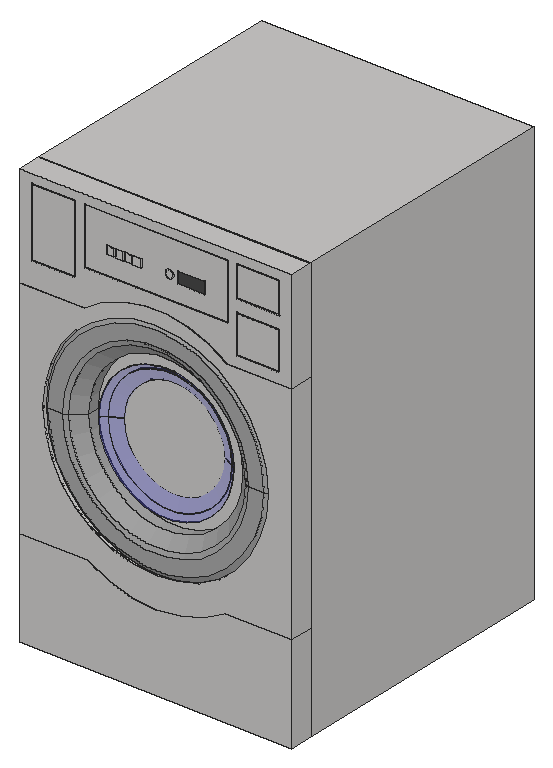
Revit family "QF_ELECTROLUX_TE1220G_TE1220G", category Attrezzature speciali, Revit 2018
Family settings
  Quota connettore circolare = Usa diametro
  Tipo di parte = Normale
  Basato su piano di lavoro = No
  Sempre verticale = Sì
  Taglio con vuoti quando caricato = No
  Condiviso = No
  Punto di calcolo locali = No
Parameters
  Width = 686 mm
  Height = 850 mm
  Depth = 822 mm
Reference planes
  plane 1 "Center (Front/Back)": y = 0
  plane 2: z = 0
  plane 3 "Center (Left/Right)": x = 0
  plane 4 "LEFT": x = -343
  plane 5 "RIGHT": x = 343
  plane 6 "BACK": y = 411
  plane 7 "FRONT": y = -411
  plane 8 "voidPanel": through (0, -279.09, 846.678) normal (0, -0.9308, 0.3656)
  plane 9 "TOP": z = 1098
  plane 10: y = -966
Forms (mm)
  Extrusion 1, solid, material "QF_Finishes_Stainless Steel"
    sketch origin (0, 0, 0) x (1, 0, 0) y (0, 1, 0)
      loop
        line (-343, 354) -> (-343, -351.316) -> (343, -351.316) -> (343, 354) -> (-343, 354)
    from 25 to 1098
  Extrusion 2, void
    sketch origin (0, -411, 110) x (0, 0, 1) y (-1, 0, 0)
      loop
        circle (470, 0) r 242.757
    from 0 to -726.106
  Revolve 3, solid, material "QF_Finishes_Gray"
    sketch origin (0, 0, 580) x (-1, 0, 0) y (0, -1, 0)
      loop
        line (300.448, 346.297) -> (300.448, 393.936) -> (272.916, 411) -> (235.246, 411) -> (223.534, 406.93) -> (195.25, 378.646) -> (195.25, 346.297) -> (300.448, 346.297)
      axis (0, 346.297) -> (0, 411)
    angle from 0 to 360
  Revolve 4, solid, material "Glass"
    sketch origin (0, 0, 580) x (-1, 0, 0) y (0, -1, 0)
      loop
        line (156.034, 365.621) -> (125.785, 351.316)
        arc (125.785, 351.316) -> (117.42, 348.976) -> (108.77, 348.187) r 47.824
        line (108.77, 348.187) -> (0, 348.187) -> (0, 346.187) -> (108.77, 346.187)
        arc (108.77, 346.187) -> (117.82, 347.016) -> (126.57, 349.475) r 49.824
        line (126.57, 349.475) -> (156.889, 363.813)
        arc (156.889, 363.813) -> (164.396, 368.582) -> (170.5, 375.051) r 35.892
        line (170.5, 375.051) -> (170.5, 378.646)
        arc (170.5, 378.646) -> (164.222, 371.072) -> (156.034, 365.621) r 33.892
      axis (0, 346.187) -> (0, 378.646)
    angle from 0 to 360
  Extrusion 5, void
    sketch origin (0, 0, 470) x (-1, 0, 0) y (0, -1, 0)
      loop
        line (333, -329) -> (333, 336.297) -> (-333, 336.297) -> (-333, -329) -> (333, -329)
    from -434.1 to 430
  Extrusion 6, solid, material "QF_Finishes_Rubber Black"
    sketch origin (25, 0, 0) x (1, 0, 0) y (0, 1, 0)
      loop
        circle (-308, 313.6) r 20
    from 0 to 10
  Extrusion 7, solid, material "QF_Finishes_Stainless Steel"
    sketch origin (25, 0, 0) x (1, 0, 0) y (0, 1, 0)
      loop
        circle (-308, 313.6) r 11
    from 10 to 25
  Extrusion 8, solid, material "QF_Finishes_Rubber Black"
    sketch origin (25, 0, 0) x (1, 0, 0) y (0, 1, 0)
      loop
        circle (-308, -309.8) r 20
    from 0 to 10
  Extrusion 9, solid, material "QF_Finishes_Stainless Steel"
    sketch origin (25, 0, 0) x (1, 0, 0) y (0, 1, 0)
      loop
        circle (-308, -309.8) r 11
    from 10 to 25
  Revolve 10, solid, material "QF_Door-Drawer Clearances", detail levels coarse
    sketch origin (0, -392.108, 110) x (-1, 0, 0) y (0, 0, 1)
      loop
        circle (-1.368, 470) r 285
      axis (287.524, 470) -> (287.524, 469)
    angle from 0 to 90
  Extrusion 11, solid, material "QF_Finishes_Rubber Black"
    sketch origin (-25, 0, 0) x (-1, 0, 0) y (0, -1, 0)
      loop
        circle (-308, -313.6) r 20
    from 0 to 10
  Extrusion 12, solid, material "QF_Finishes_Stainless Steel"
    sketch origin (-25, 0, 0) x (-1, 0, 0) y (0, -1, 0)
      loop
        circle (-308, -313.6) r 11
    from 10 to 25
  Extrusion 13, solid, material "QF_Finishes_Rubber Black"
    sketch origin (-25, 0, 0) x (-1, 0, 0) y (0, -1, 0)
      loop
        circle (-308, 309.8) r 20
    from 0 to 10
  Extrusion 14, solid, material "QF_Finishes_Stainless Steel"
    sketch origin (-25, 0, 0) x (-1, 0, 0) y (0, -1, 0)
      loop
        circle (-308, 309.8) r 11
    from 10 to 25
  Extrusion 15, solid, material "QF_Finishes_Stainless Steel"
    sketch origin (0, -411, 0) x (0, 0, 1) y (-1, 0, 0)
      loop
        line (25, 343) -> (25, -343) -> (270, -343) -> (270, -175)
        arc (270, -175) -> (219.436, 0) -> (270, 175) r 328.118
        line (270, 175) -> (270, 343) -> (25, 343)
    from 0 to -60
  Extrusion 16, solid, material "QF_Finishes_Stainless Steel"
    sketch origin (0, -411, 0) x (0, 0, 1) y (-1, 0, 0)
      loop
        line (840, -343) -> (1098, -343) -> (1098, 343) -> (840, 343) -> (840, 180)
        arc (840, 180) -> (900, 0) -> (840, -180) r 300
        line (840, -180) -> (840, -343)
    from 0 to -60
  Extrusion 17, solid, material "QF_Finishes_Stainless Steel"
    sketch origin (0, -411, 0) x (0, 0, 1) y (-1, 0, 0)
      loop
        line (840, 343) -> (270, 343) -> (270, 175)
        arc (270, 175) -> (219.436, 0) -> (270, -175) r 328.118
        line (270, -175) -> (270, -343) -> (840, -343) -> (840, -180)
        arc (840, -180) -> (900, 0) -> (840, 180) r 300
        line (840, 180) -> (840, 343)
      loop
        circle (580, 0) r 285
    from 0 to -60
  Extrusion 18, void
    sketch origin (0, -411, 0) x (0, 0, 1) y (-1, 0, 0)
      loop
        line (1076.011, 312.853) -> (900, 312.853) -> (900, 202.056) -> (1076.011, 202.056) -> (1076.011, 312.853)
      loop
        line (1076.011, 180.558) -> (931.011, 180.558) -> (931.011, -184.442) -> (1076.011, -184.442) -> (1076.011, 180.558)
      loop
        line (966.011, -204.442) -> (866.011, -204.442) -> (866.011, -314.442) -> (966.011, -314.442) -> (966.011, -204.442)
      loop
        line (996.011, -204.442) -> (996.011, -314.442) -> (1076.011, -314.442) -> (1076.011, -204.442) -> (996.011, -204.442)
    from 0 to -13.46
  Extrusion 19, solid, material "QF_Finishes_Stainless Steel"
    sketch origin (0, -411, 0) x (0, 0, 1) y (-1, 0, 0)
      loop
        line (1073.011, 205.056) -> (1073.011, 309.853) -> (903, 309.853) -> (903, 205.056) -> (1073.011, 205.056)
      loop
        line (934.011, 177.558) -> (934.011, -181.442) -> (1073.011, -181.442) -> (1073.011, 177.558) -> (934.011, 177.558)
      loop
        line (1073.011, -311.442) -> (1073.011, -207.442) -> (999.011, -207.442) -> (999.011, -311.442) -> (1073.011, -311.442)
      loop
        line (963.011, -311.442) -> (963.011, -207.442) -> (869.011, -207.442) -> (869.011, -311.442) -> (963.011, -311.442)
      loop
        line (982.148, 123.504) -> (982.148, 103.504) -> (1002.148, 103.504) -> (1002.148, 123.504) -> (982.148, 123.504)
      loop
        line (1002.148, 100.812) -> (982.148, 100.812) -> (982.148, 80.808) -> (1002.148, 80.808) -> (1002.148, 100.812)
      loop
        line (1002.148, 78.12) -> (982.148, 78.12) -> (982.148, 58.116) -> (1002.148, 58.116) -> (1002.148, 78.12)
      loop
        line (1002.148, 55.428) -> (982.148, 55.428) -> (982.148, 35.424) -> (1002.148, 35.424) -> (1002.148, 55.428)
      loop
        circle (992.148, -34.859) r 10
      loop
        line (977.148, -124.859) -> (1007.148, -124.859) -> (1007.148, -54.859) -> (977.148, -54.859) -> (977.148, -124.859)
    from 0.5 to -13.46
  Extrusion 20, solid, material "QF_Finishes_Stainless Steel"
    sketch origin (0, -411, 0) x (0, 0, 1) y (-1, 0, 0)
      loop
        line (1002.148, 123.504) -> (982.148, 123.504) -> (982.148, 103.504) -> (1002.148, 103.504) -> (1002.148, 123.504)
      loop
        line (1002.148, 100.812) -> (982.148, 100.812) -> (982.148, 80.808) -> (1002.148, 80.808) -> (1002.148, 100.812)
      loop
        line (1002.148, 78.12) -> (982.148, 78.12) -> (982.148, 58.116) -> (1002.148, 58.116) -> (1002.148, 78.12)
      loop
        line (1002.148, 55.428) -> (982.148, 55.428) -> (982.148, 35.424) -> (1002.148, 35.424) -> (1002.148, 55.428)
    from 2 to -13.46
  Extrusion 21, solid, material "QF_Finishes_Stainless Steel"
    sketch origin (0, -411, 0) x (0, 0, 1) y (-1, 0, 0)
      loop
        circle (992.148, -34.859) r 10
    from 1 to -13.46
  Extrusion 22, solid, material "QF_Finishes_Black"
    sketch origin (0, -411, 0) x (0, 0, 1) y (-1, 0, 0)
      loop
        line (1007.148, -54.859) -> (977.148, -54.859) -> (977.148, -124.859) -> (1007.148, -124.859) -> (1007.148, -54.859)
    from 0 to -13.46
  Extrusion 23, solid, material "QF_Finishes_Stainless Steel"
    sketch origin (0, 411, 0) x (0, 0, 1) y (-1, 0, 0)
      loop
        circle (91, -25) r 50.8
    from 50.43 to 57
  Blend 24, solid, material "QF_Finishes_Stainless Steel"
    base sketch origin (0, 411, 0) x (0, 0, 1) y (-1, 0, 0)
      loop
        line (112.093, -134.606) -> (112.093, -219.975)
        arc (112.093, -219.975) -> (136.989, -280.08) -> (197.093, -304.975) r 85
        line (197.093, -304.975) -> (735.296, -304.975) -> (764.372, -304.975) -> (800, -304.975)
        arc (800, -304.975) -> (860.104, -280.08) -> (885, -219.975) r 85
        line (885, -219.975) -> (885, 223.558)
        arc (885, 223.558) -> (860.104, 283.663) -> (800, 308.558) r 85
        line (800, 308.558) -> (764.372, 308.558) -> (736.45, 308.558) -> (330, 308.558)
        arc (330, 308.558) -> (287.574, 290.985) -> (270, 248.558) r 60
        line (270, 248.558) -> (270, 113.511)
        arc (270, 113.511) -> (265.698, 88.475) -> (253.286, 66.312) r 75
        line (253.286, 66.312) -> (128.807, -87.407)
        arc (128.807, -87.407) -> (116.395, -109.571) -> (112.093, -134.606) r 75
    top sketch origin (0, 411, 0) x (0, 0, 1) y (-1, 0, 0)
      loop
        line (736.45, 258.558) -> (330, 258.558)
        arc (330, 258.558) -> (322.929, 255.63) -> (320, 248.558) r 10
        line (320, 248.558) -> (320, 95.805)
        arc (320, 95.805) -> (315.698, 70.769) -> (303.286, 48.606) r 75
        line (303.286, 48.606) -> (178.807, -105.113)
        arc (178.807, -105.113) -> (166.395, -127.277) -> (162.093, -152.312) r 75
        line (162.093, -152.312) -> (162.093, -219.975)
        arc (162.093, -219.975) -> (172.344, -244.724) -> (197.093, -254.975) r 35
        line (197.093, -254.975) -> (735.296, -254.975)
        arc (735.296, -254.975) -> (745.955, -271.27) -> (764.372, -277.589) r 30
        line (764.372, -277.589) -> (819.372, -277.589)
        arc (819.372, -277.589) -> (840.585, -268.802) -> (849.372, -247.589) r 30
        line (849.372, -247.589) -> (849.372, 247.589)
        arc (849.372, 247.589) -> (840.585, 268.802) -> (819.372, 277.589) r 30
        line (819.372, 277.589) -> (764.372, 277.589)
        arc (764.372, 277.589) -> (747.477, 272.379) -> (736.45, 258.558) r 30
    from 57 to 0
  Extrusion 25, void
    sketch origin (0, 411, 0) x (0, 0, 1) y (-1, 0, 0)
      loop
        line (839.372, -242.589) -> (839.372, 246.505)
        arc (839.372, 246.505) -> (833.514, 260.647) -> (819.372, 266.505) r 20
        line (819.372, 266.505) -> (760.142, 266.505)
        arc (760.142, 266.505) -> (746, 260.647) -> (740.142, 246.505) r 20
        line (740.142, 246.505) -> (740.142, -248.744)
        arc (740.142, -248.744) -> (749.024, -262.323) -> (764.372, -267.589) r 25
        line (764.372, -267.589) -> (814.372, -267.589)
        arc (814.372, -267.589) -> (832.05, -260.266) -> (839.372, -242.589) r 25
    from 0 to 8.2
  Extrusion 26, solid, material "QF_Finishes_Stainless Steel"
    sketch origin (0, 411, 0) x (0, 0, 1) y (-1, 0, 0)
      loop
        circle (810, 209.295) r 5
    from 0 to 8.186
  Extrusion 27, solid, material "QF_Finishes_Stainless Steel"
    sketch origin (210, 411, 0) x (0, 0, 1) y (-1, 0, 0)
      loop
        circle (77, -50) r 12.7
    from 50.43 to 57
Cuts and joins
  Extrusion 5 cuts Extrusion 1
  Extrusion 18 cuts Extrusion 16
  Extrusion 25 cuts Blend 24
Lines and regions (mm)
  model lines
    curve 1: line (253.366, -313.716, 0) -> (253.669, -317.455, 0)
  symbolic lines, style "QF_Door-Drawer Clearances"
    curve 2: line (-287.524, -966, 744.475) -> (-287.524, -411, 744.475)
    curve 4: arc (-287.524, -966, 744.475) -> (112.051, -805.22, 744.475) -> (286.678, -411.5, 744.475) r 572.871
  symbolic lines
    curve 3: line (-25, 411, 91) -> (75, 411, 91)
    curve 5: line (-343, 354, 744.475) -> (343, 354, 744.475)
    curve 6: line (-343, -351, 744.475) -> (-343, 354, 744.475)
    curve 7: line (343, -351, 744.475) -> (-343, -351, 744.475)
    curve 8: line (343, 354, 744.475) -> (343, -351, 744.475)
    curve 9: line (-343, -351, 744.475) -> (-343, -411, 744.475)
    curve 10: line (-343, -411, 744.475) -> (343, -411, 744.475)
    curve 11: line (343, -411, 744.475) -> (343, -351, 744.475)
    curve 12: line (-308.558, 354, 744.475) -> (-277.589, 411, 744.475)
    curve 13: line (-277.589, 411, 744.475) -> (277.589, 411, 744.475)
    curve 14: line (277.589, 411, 744.475) -> (304.975, 354, 744.475)
Dimensions and locks
  equal spacing: plane 5 "RIGHT", plane 3 "Center (Left/Right)", plane 4 "LEFT"
  "Width": plane 5 "RIGHT" to plane 4 "LEFT"
  equal spacing: plane 7 "FRONT", plane 1 "Center (Front/Back)", plane 6 "BACK"
  "Depth": plane 7 "FRONT" to plane 6 "BACK"
  plane 7 "FRONT" to plane 6 "BACK" = 822 mm
  plane 9 "TOP" to level = 1098 mm
  plane 7 "FRONT" to plane 1 "Center (Front/Back)" to plane 6 "BACK" = 411 mm, 411 mm
  plane 4 "LEFT" to plane 5 "RIGHT" = 686 mm
  cut or joined group of Extrusion 1, Extrusion 5 to cut or joined group of Extrusion 16, Extrusion 18 = 765 mm
  plane 7 "FRONT" to plane 10 = 555 mm
  cut or joined group of Extrusion 1, Extrusion 5 to Extrusion 23 = 368 mm
  level to curve 3 = 91 mm
  plane 10 to plane 7 "FRONT" = 555 mm
  plane 10 to plane 6 "BACK" = 1377 mm
  plane 5 "RIGHT" to Extrusion 27 sketch curve = 83 mm
  cut or joined group of Extrusion 1, Extrusion 5 to Extrusion 27 sketch curve = 52 mm
  aligned and locked: level to plane 2
Automatic sketch dimensions
  Extrusion 1 sketch curve to plane 4 "LEFT" = 0 mm
  Extrusion 1 sketch curve to plane 5 "RIGHT" = 0 mm
  Extrusion 1 sketch curve to plane 7 "FRONT" = 59.684 mm
  plane 6 "BACK" to Extrusion 1 sketch curve = 57 mm
  Extrusion 2 sketch curve to plane 3 "Center (Left/Right)" = 0 mm
  Extrusion 2 sketch curve to plane 9 "TOP" = 518 mm
  Revolve 3 sketch curve to plane 3 "Center (Left/Right)" = 0 mm
  plane 7 "FRONT" to Revolve 3 sketch curve = 0 mm
  Revolve 3 sketch curve to plane 7 "FRONT" = 64.703 mm
  plane 4 "LEFT" to Revolve 3 sketch curve = 147.75 mm
  Revolve 3 sketch curve to plane 7 "FRONT" = 4.07 mm
  Revolve 3 sketch curve to Revolve 3 sketch curve = 28.284 mm
  Revolve 3 sketch curve to Revolve 3 sketch curve = 11.712 mm
  Revolve 3 sketch curve to Revolve 3 sketch curve = 37.67 mm
  Revolve 3 sketch curve to Revolve 3 sketch curve = 27.532 mm
  Revolve 3 sketch curve to Revolve 3 sketch curve = 32.349 mm
  Revolve 3 sketch curve to plane 7 "FRONT" = 17.064 mm
  Revolve 3 sketch curve to plane 6 "BACK" = 1134.072 mm
  plane 10 to Revolve 3 sketch curve = 569.917 mm
  Revolve 4 sketch curve to Revolve 4 sketch curve = 0 mm  (x4)
  Revolve 4 sketch curve to plane 3 "Center (Left/Right)" = 0 mm  (x2)
  Revolve 4 sketch curve to plane 3 "Center (Left/Right)" = 108.77 mm
  Revolve 4 sketch curve to Revolve 4 sketch curve = 17.015 mm
  Revolve 4 sketch curve to plane 7 "FRONT" = 61.525 mm
  Revolve 4 sketch curve to Revolve 4 sketch curve = 0.785 mm
  Revolve 4 sketch curve to plane 7 "FRONT" = 14.74 mm
  Revolve 4 sketch curve to Revolve 4 sketch curve = 32.775 mm
  Revolve 4 sketch curve to plane 7 "FRONT" = 45.379 mm
  Revolve 4 sketch curve to Revolve 4 sketch curve = 30.249 mm
  Revolve 4 sketch curve to plane 7 "FRONT" = 47.187 mm
  Revolve 4 sketch curve to Revolve 4 sketch curve = 0.855 mm
  Revolve 4 sketch curve to Revolve 4 sketch curve = 14.466 mm
  Revolve 4 sketch curve to plane 7 "FRONT" = 62.813 mm
  Revolve 4 sketch curve to Revolve 4 sketch curve = 2 mm
  Revolve 4 sketch curve to plane 6 "BACK" = 1134.072 mm
  plane 10 to Revolve 4 sketch curve = 569.917 mm
  Extrusion 5 sketch curve to plane 5 "RIGHT" = 10 mm
  plane 4 "LEFT" to Extrusion 5 sketch curve = 10 mm
  plane 6 "BACK" to Extrusion 5 sketch curve = 82 mm
  Extrusion 5 sketch curve to plane 7 "FRONT" = 74.703 mm
  plane 4 "LEFT" to Extrusion 6 sketch curve = 60 mm
  plane 6 "BACK" to Extrusion 6 sketch curve = 97.4 mm
  plane 4 "LEFT" to Extrusion 7 sketch curve = 60 mm
  plane 6 "BACK" to Extrusion 7 sketch curve = 97.4 mm
  plane 4 "LEFT" to Extrusion 8 sketch curve = 60 mm
  Extrusion 8 sketch curve to plane 7 "FRONT" = 101.2 mm
  plane 4 "LEFT" to Extrusion 9 sketch curve = 60 mm
  Extrusion 9 sketch curve to plane 7 "FRONT" = 101.2 mm
  plane 10 to curve 4 = 0 mm
  curve 10 to plane 5 "RIGHT" = 0 mm
  plane 7 "FRONT" to curve 10 = 0 mm
  curve 7 to plane 4 "LEFT" = 0 mm
  plane 6 "BACK" to curve 13 = 0 mm
  curve 4 to plane 7 "FRONT" = 17.869 mm
  curve 7 to plane 7 "FRONT" = 60 mm
  plane 6 "BACK" to curve 8 = 57 mm
  curve 13 to plane 5 "RIGHT" = 65.411 mm
  plane 4 "LEFT" to curve 13 = 65.411 mm
  plane 4 "LEFT" to curve 4 = 57.101 mm
  plane 7 "FRONT" to curve 4 = 0.5 mm
  curve 5 to curve 14 = 38.025 mm
  curve 10 to curve 4 = 56.322 mm
  plane 4 "LEFT" to curve 12 = 34.442 mm
  plane 10 to curve 2 = 0 mm
  plane 7 "FRONT" to curve 2 = 0 mm
  plane 4 "LEFT" to curve 2 = 55.476 mm
  plane 3 "Center (Left/Right)" to Revolve 10 sketch curve = 1.368 mm
  Revolve 10 sketch curve to plane 9 "TOP" = 518 mm
  plane 4 "LEFT" to Revolve 10 sketch curve = 55.476 mm
  Revolve 10 sketch curve to level = 194.8 mm
  plane 9 "TOP" to Revolve 10 sketch curve = 1450.4 mm
  plane 3 "Center (Left/Right)" to curve 3 = 75 mm
  curve 3 to plane 3 "Center (Left/Right)" = 25 mm
  plane 5 "RIGHT" to Extrusion 11 sketch curve = 60 mm
  Extrusion 11 sketch curve to plane 6 "BACK" = 97.4 mm
  plane 5 "RIGHT" to Extrusion 12 sketch curve = 60 mm
  Extrusion 12 sketch curve to plane 6 "BACK" = 97.4 mm
  plane 5 "RIGHT" to Extrusion 13 sketch curve = 60 mm
  plane 7 "FRONT" to Extrusion 13 sketch curve = 101.2 mm
  plane 5 "RIGHT" to Extrusion 14 sketch curve = 60 mm
  plane 7 "FRONT" to Extrusion 14 sketch curve = 101.2 mm
  Extrusion 15 sketch curve to plane 4 "LEFT" = 0 mm
  Extrusion 15 sketch curve to plane 5 "RIGHT" = 0 mm
  Extrusion 15 sketch curve to plane 3 "Center (Left/Right)" = 0 mm
  level to Extrusion 15 sketch curve = 25 mm
  level to Extrusion 15 sketch curve = 270 mm
  Extrusion 15 sketch curve to Extrusion 15 sketch curve = 245 mm
  Extrusion 15 sketch curve to Extrusion 15 sketch curve = 277.554 mm
  Extrusion 15 sketch curve to plane 5 "RIGHT" = 168 mm
  Extrusion 16 sketch curve to plane 3 "Center (Left/Right)" = 0 mm
  Extrusion 16 sketch curve to plane 5 "RIGHT" = 0 mm
  Extrusion 16 sketch curve to plane 4 "LEFT" = 0 mm
  Extrusion 16 sketch curve to plane 9 "TOP" = 0 mm
  Extrusion 16 sketch curve to Extrusion 16 sketch curve = 258 mm
  Extrusion 16 sketch curve to plane 9 "TOP" = 258 mm
  Extrusion 16 sketch curve to Extrusion 16 sketch curve = 240 mm
  Extrusion 16 sketch curve to plane 5 "RIGHT" = 163 mm
  Extrusion 17 sketch curve to plane 4 "LEFT" = 0 mm
  Extrusion 17 sketch curve to plane 5 "RIGHT" = 0 mm
  Extrusion 17 sketch curve to plane 3 "Center (Left/Right)" = 0 mm  (x3)
  level to Extrusion 17 sketch curve = 270 mm  (x2)
  Extrusion 17 sketch curve to Extrusion 17 sketch curve = 277.554 mm
  Extrusion 17 sketch curve to Extrusion 17 sketch curve = 32.446 mm
  Extrusion 17 sketch curve to Extrusion 17 sketch curve = 20 mm
  Extrusion 17 sketch curve to plane 9 "TOP" = 258 mm  (x2)
  Extrusion 17 sketch curve to Extrusion 17 sketch curve = 163 mm
  Extrusion 17 sketch curve to Extrusion 17 sketch curve = 168 mm
  Extrusion 18 sketch curve to plane 5 "RIGHT" = 28.558 mm  (x2)
  Extrusion 18 sketch curve to plane 9 "TOP" = 231.989 mm
  plane 4 "LEFT" to Extrusion 18 sketch curve = 30.147 mm
  Extrusion 18 sketch curve to plane 9 "TOP" = 198 mm
  Extrusion 18 sketch curve to Extrusion 18 sketch curve = 65 mm
  Extrusion 18 sketch curve to Extrusion 18 sketch curve = 35 mm
  Extrusion 18 sketch curve to Extrusion 18 sketch curve = 30 mm
  Extrusion 18 sketch curve to plane 9 "TOP" = 21.989 mm
  Extrusion 18 sketch curve to Extrusion 18 sketch curve = 0 mm  (x2)
  Extrusion 18 sketch curve to Extrusion 18 sketch curve = 110 mm  (x2)
  Extrusion 18 sketch curve to Extrusion 18 sketch curve = 20 mm
  Extrusion 18 sketch curve to Extrusion 18 sketch curve = 132.295 mm
  Extrusion 18 sketch curve to Extrusion 18 sketch curve = 21.498 mm
  Extrusion 19 sketch curve to plane 5 "RIGHT" = 31.558 mm  (x2)
  Extrusion 19 sketch curve to plane 9 "TOP" = 228.989 mm
  plane 4 "LEFT" to Extrusion 19 sketch curve = 33.147 mm
  Extrusion 19 sketch curve to plane 9 "TOP" = 195 mm
  Extrusion 19 sketch curve to Extrusion 19 sketch curve = 65 mm
  Extrusion 19 sketch curve to Extrusion 19 sketch curve = 29 mm
  plane 3 "Center (Left/Right)" to Extrusion 19 sketch curve = 54.859 mm
  Extrusion 19 sketch curve to plane 9 "TOP" = 120.852 mm
  Extrusion 19 sketch curve to Extrusion 19 sketch curve = 48.138 mm
  Extrusion 19 sketch curve to Extrusion 19 sketch curve = 0 mm  (x5)
  Extrusion 19 sketch curve to Extrusion 19 sketch curve = 15 mm  (x2)
  Extrusion 19 sketch curve to Extrusion 19 sketch curve = 36 mm
  Extrusion 19 sketch curve to Extrusion 19 sketch curve = 20 mm  (x4)
  Extrusion 19 sketch curve to plane 9 "TOP" = 24.989 mm  (x3)
  Extrusion 19 sketch curve to Extrusion 19 sketch curve = 104 mm  (x2)
  Extrusion 19 sketch curve to Extrusion 19 sketch curve = 26 mm
  Extrusion 19 sketch curve to Extrusion 19 sketch curve = 70 mm
  Extrusion 19 sketch curve to plane 3 "Center (Left/Right)" = 35.424 mm
  Extrusion 19 sketch curve to Extrusion 19 sketch curve = 20.004 mm  (x3)
  Extrusion 19 sketch curve to Extrusion 19 sketch curve = 2.689 mm  (x2)
  Extrusion 19 sketch curve to Extrusion 19 sketch curve = 2.692 mm
  Extrusion 19 sketch curve to Extrusion 19 sketch curve = 54.055 mm
  Extrusion 19 sketch curve to Extrusion 19 sketch curve = 27.498 mm
  Extrusion 20 sketch curve to plane 3 "Center (Left/Right)" = 35.424 mm
  Extrusion 20 sketch curve to plane 9 "TOP" = 115.852 mm
  Extrusion 20 sketch curve to Extrusion 20 sketch curve = 0 mm  (x5)
  Extrusion 20 sketch curve to Extrusion 20 sketch curve = 20 mm  (x3)
  Extrusion 20 sketch curve to Extrusion 20 sketch curve = 20.004 mm  (x3)
  Extrusion 20 sketch curve to Extrusion 20 sketch curve = 2.689 mm  (x2)
  Extrusion 20 sketch curve to Extrusion 20 sketch curve = 2.692 mm
  plane 3 "Center (Left/Right)" to Extrusion 21 sketch curve = 34.859 mm
  Extrusion 21 sketch curve to plane 9 "TOP" = 105.852 mm
  plane 3 "Center (Left/Right)" to Extrusion 22 sketch curve = 54.859 mm
  Extrusion 22 sketch curve to plane 9 "TOP" = 120.852 mm
  Extrusion 22 sketch curve to Extrusion 22 sketch curve = 30 mm
  Extrusion 22 sketch curve to Extrusion 22 sketch curve = 70 mm
  plane 3 "Center (Left/Right)" to Extrusion 23 sketch curve = 25 mm
  level to Extrusion 23 sketch curve = 91 mm
  level to Blend 24 sketch curve = 112.093 mm
  plane 3 "Center (Left/Right)" to Blend 24 sketch curve = 87.407 mm
  Blend 24 sketch curve to Blend 24 sketch curve = 16.714 mm  (x2)
  Blend 24 sketch curve to Blend 24 sketch curve = 58.286 mm  (x4)
  level to Blend 24 sketch curve = 195 mm
  Blend 24 sketch curve to plane 5 "RIGHT" = 38.025 mm
  Blend 24 sketch curve to Blend 24 sketch curve = 85 mm  (x2)
  Blend 24 sketch curve to plane 3 "Center (Left/Right)" = 66.312 mm
  plane 4 "LEFT" to Blend 24 sketch curve = 94.442 mm
  Blend 24 sketch curve to Blend 24 sketch curve = 75 mm
  plane 4 "LEFT" to Blend 24 sketch curve = 34.442 mm
  Blend 24 sketch curve to plane 9 "TOP" = 362.704 mm  (x2)
  Blend 24 sketch curve to plane 9 "TOP" = 361.55 mm  (x2)
  Blend 24 sketch curve to Blend 24 sketch curve = 27.923 mm  (x2)
  Blend 24 sketch curve to Blend 24 sketch curve = 29.076 mm  (x2)
  Blend 24 sketch curve to Blend 24 sketch curve = 35.628 mm  (x2)
  level to Blend 24 sketch curve = 162.093 mm
  plane 3 "Center (Left/Right)" to Blend 24 sketch curve = 105.113 mm
  Blend 24 sketch curve to Blend 24 sketch curve = 35 mm
  Blend 24 sketch curve to plane 3 "Center (Left/Right)" = 95.805 mm
  Blend 24 sketch curve to Blend 24 sketch curve = 66.193 mm
  Blend 24 sketch curve to plane 3 "Center (Left/Right)" = 48.606 mm
  Blend 24 sketch curve to Blend 24 sketch curve = 10 mm
  Blend 24 sketch curve to plane 5 "RIGHT" = 88.025 mm
  plane 4 "LEFT" to Blend 24 sketch curve = 84.442 mm
  Blend 24 sketch curve to Blend 24 sketch curve = 55 mm  (x2)
  Blend 24 sketch curve to Blend 24 sketch curve = 30 mm
  Blend 24 sketch curve to plane 5 "RIGHT" = 65.411 mm
  plane 4 "LEFT" to Blend 24 sketch curve = 95.411 mm
  plane 4 "LEFT" to Extrusion 25 sketch curve = 96.495 mm
  Extrusion 25 sketch curve to plane 9 "TOP" = 357.858 mm
  Extrusion 25 sketch curve to Extrusion 25 sketch curve = 20 mm  (x2)
  Extrusion 25 sketch curve to Extrusion 25 sketch curve = 24.23 mm
  Extrusion 25 sketch curve to Extrusion 25 sketch curve = 50 mm
  Extrusion 25 sketch curve to Extrusion 25 sketch curve = 59.23 mm
  Extrusion 25 sketch curve to plane 5 "RIGHT" = 100.411 mm
  Extrusion 25 sketch curve to Extrusion 25 sketch curve = 0 mm
  plane 4 "LEFT" to Extrusion 26 sketch curve = 133.705 mm
  Extrusion 26 sketch curve to plane 9 "TOP" = 288 mm
  radius of Extrusion 2 sketch curve = 242.757 mm
  radius of Extrusion 6 sketch curve = 20 mm
  radius of Extrusion 7 sketch curve = 11 mm
  radius of Extrusion 8 sketch curve = 20 mm
  radius of Extrusion 9 sketch curve = 11 mm
  radius of Revolve 10 sketch curve = 285 mm
  radius of Extrusion 11 sketch curve = 20 mm
  radius of Extrusion 12 sketch curve = 11 mm
  radius of Extrusion 13 sketch curve = 20 mm
  radius of Extrusion 14 sketch curve = 11 mm
  radius of Extrusion 17 sketch curve = 285 mm
  radius of Extrusion 19 sketch curve = 10 mm
  radius of Extrusion 21 sketch curve = 10 mm
  radius of Extrusion 23 sketch curve = 50.8 mm
  radius of Extrusion 26 sketch curve = 5 mm
  radius of Extrusion 27 sketch curve = 12.7 mm
Connectors
  piping at (25, 360.57, 91), diameter 101.6
    settings: on Extrusion 23, index 5, connector inside diameter 609.6 mm, connector length 0 mm, flow factor 0, pipe flow 0.0 L/s, pressure drop 0.0 Pa, fitting loss kfactor 0, connector angle 0.00°, fixture units 0, engagement length 0 mm, angle of deflection 0.00°, flow configuration 1, flow direction 2, fitting loss method 0, system type 16, joint type 0, gender type 0, connector reference index -1, connector utility 0, adjustable connector no, is connector primary yes, connector description "Drain"
  electrical at (-209.295, 411, 810)
    settings: on Extrusion 26, index 6, voltage 0 V, apparent load 0 VA, apparent load phase1 0 VA, apparent load phase2 0 VA, apparent load phase3 0 VA, power factor 1, load classification "Other", number of poles 1, system type 30, power factor state 1, is connector primary yes, connector utility no, sub classification motor no, connector description "Electrical Connection"
  piping at (260, 360.57, 77), diameter 25.7
    settings: on Extrusion 27, index 7, connector inside diameter 609.6 mm, connector length 0 mm, flow factor 0, pipe flow 0.0 L/s, pressure drop 0.0 Pa, fitting loss kfactor 0, connector angle 0.00°, fixture units 0, engagement length 0 mm, angle of deflection 0.00°, flow configuration 1, flow direction 1, fitting loss method 0, system type 7, joint type 0, gender type 0, connector reference index -1, connector utility 0, adjustable connector no, is connector primary no, connector description "Gas Connection"
